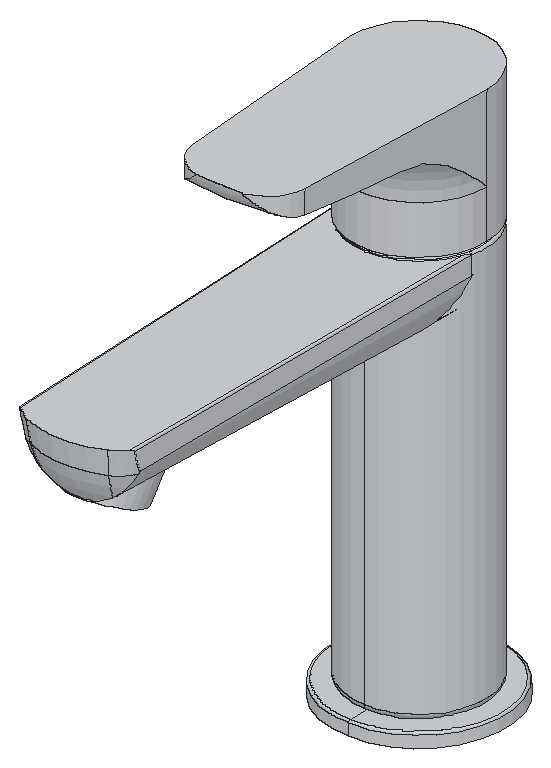
Revit family "Faucet-Lavatory-KOHLER-Aleo-K-72288IN_1", category Plumbing Fixtures, host Face, Revit 2017
Family settings
  Host = Face
  Round Connector Dimension = Use Diameter
  Part Type = Normal
  OmniClass Number = 23.31.11.00
  OmniClass Title = Faucets
  Cut with Voids When Loaded = No
  Shared = No
  Room Calculation Point = No
Parameters (values of type "CP-Polished Chrome")
  Width = 1 25/32"  # constant formula
  WaterSense Certified = 1 = 0  # no
  Waste Water Outlet = "Waste Water Outlet"  # constant formula
  Waste Connection = 1 = 0  # no
  Vent Connection = 1 = 0  # no
  URL = "https://www.kohler.co.in/"
  Type = 1
  Spout Reach = 3 15/16"  # constant formula
  Product Page URL = "https://www.kohler.co.in/product-detail/72288in-4?skuid=K-72288IN-4-CP"
  Product Name = "Aleo"  # constant formula
  Product Documentation Link = "http://resources.kohler.com/plumbing/kohlerindia/pdf/72288.pdf"
  Pressure = 0.00 psi
  Model = "K-72288IN-4-CP"  # constant formula
  Material = "Premium Metal Construction"  # constant formula
  Master Format 2014 Name = "Residential Faucets, Supplies, and Trim"  # constant formula
  Master Format 2014 = "22 41 39"  # constant formula
  Manufacturer Address = "Ambience Office Tower NH-8 Gurgaon / Gurugram Haryana , 122001"  # constant formula
  Manufacturer = "KOHLER Co."  # constant formula
  Length = Spout Reach  # 3 15/16"
  Hot Water Inlet = "Hot Water Inlet"  # constant formula
  Height = 5 181/256"  # constant formula
  Handle Clearance = 2 133/256"  # constant formula
  HW Connection = 1 = 0  # no
  Flow Rate = 0 GPM
  Finish = Kohler-Metal-CP-Polished_Chrome
  Environmental Product Declaration = ""
  Drain Included = 1 = 0  # no
  Description = "Single-control pillar lavatory faucet in polished chrome"  # constant formula
  Default Elevation = 36"
  Declare Label = ""
  Date Modified = "12/24/2020"  # constant formula
  Date Created = "12/24/2020"  # constant formula
  Copyright = "Copyright KOHLER Co."  # constant formula
  Contact Us = "https://www.kohler.co.in/contact-us"
  Cold Water Inlet = "Cold Water Inlet"  # constant formula
  CW Connection = 1 = 1  # yes
  Assembly Code = "D2010"
  ADA Compliant = 1 = 0  # no
Reference planes (in)
  plane 1 "Center (Front/Back)": y = 0
  plane 2: z = 0
  plane 3 "Center (Left/Right)": x = 0
  plane 4: y = 0.88976
  plane 5: y = -0.88976
  plane 6: y = 0.68912
  plane 7: y = -0.68912
  plane 8: z = 5.70703
  plane 9: y = -3.9375
  plane 10: z = 3.66142
  plane 11: y = -4.49101
  plane 12: y = -2.51953
  plane 13: z = 0.1378
  plane 14: x = -0.89011
  plane 15: x = 0.89114
  plane 16: x = -0.68898
  plane 17: x = 0.68898
  plane 18: x = -0.52904
  plane 19: x = 0.52904
Dimensions and locks (in)
  "Height": level to plane 8
  "Spout Reach": plane 1 "Center (Front/Back)" to plane 9
  plane 10 to level = 3.66142"
  "Width": plane 14 to plane 15
  "Length": plane 9 to plane 1 "Center (Front/Back)"
  "Handle Clearance": plane 12 to plane 1 "Center (Front/Back)"
  aligned and locked: plane 2 to host face
  aligned and locked: level to host face
Automatic sketch dimensions
  host sketch curve to host sketch curve = 96"  (x2)
Nested families (in)
  nested 1: "K-72288IN" at (0, 0, 0), type "K-72288IN"
Connectors (in)
  piping at (0, 0, 0), diameter 0.5, driven by "CW Connection", driven by "Cold Water Inlet", driven by "Flow Rate"
    settings: on nested 1, index 1, connector inside diameter 24", connector length 0", flow factor 0, pipe flow 0 GPM, pressure drop 0.00 psi, fitting loss kfactor 0, connector angle 0.00°, fixture units 0, engagement length 0", angle of deflection 0.00°, flow configuration 0, flow direction 1, fitting loss method 0, system type 20, joint type 0, gender type 0, connector reference index -1, connector utility 1, adjustable connector no, is connector primary yes, connector description "Cold Water Inlet"
Definition of nested family "K-72288IN"
  Parameters (values of type "K-72288IN")
    Material = none
  Reference planes (in)
    plane 1 "Center (Front/Back)": y = 0
    plane 2: z = 0
    plane 3 "Center (Left/Right)": x = 0
    plane 4: z = 5.70866
    plane 5: y = -3.93701
    plane 6: y = 0.88976
    plane 7: y = 0.68912
    plane 8: y = -0.68912
    plane 9: x = -0.68898
    plane 10: x = 0.68898
    plane 11: y = -0.88976
    plane 12: z = 3.66142
    plane 13: z = 0.1376
    plane 14: y = -2.51906
    plane 15: x = -0.89011
    plane 16: x = 0.89011
    plane 17: y = -4.49101
    plane 18: x = -0.52904
    plane 19: x = 0.52904
  Forms (in)
    Revolve 1, solid, material <- "Material", detail levels medium+fine
      sketch origin (0, 0, 0) x (0, 1, 0) y (0, 0, 1)
        loop
          arc (0.63148, 0.1378) -> (0.67224, 0.15468) -> (0.68912, 0.19544) r 0.05764
          line (0.68912, 0.19544) -> (0.68912, 4.27945)
          arc (0.68912, 4.27945) -> (0.68331, 4.29347) -> (0.66929, 4.29928) r 0.01984
          line (0.66929, 4.29928) -> (0.52687, 4.29928) -> (0.52687, 4.3356) -> (0, 4.3356) -> (0, 0) -> (0.88976, 0) -> (0.88585, 0.11704)
          arc (0.88585, 0.11704) -> (0.87931, 0.13176) -> (0.86439, 0.1378) r 0.02147
          line (0.86439, 0.1378) -> (0.63148, 0.1378)
        axis (0, 4.3356) -> (0, 0)
      angle from 0 to 360
    Blend 2, solid, material <- "Material", detail levels medium+fine
      base sketch origin (0, 0, -4.93356) x (1, 0, 0) y (0, 0, 1)
        loop
          arc (-0.64163, 9.23225) -> (-0.65833, 9.22533) -> (-0.66525, 9.20863) r 0.02362
          line (-0.66525, 9.20863) -> (-0.66525, 9.01571)
          arc (-0.66525, 9.01571) -> (0, 8.41989) -> (0.66525, 9.01571) r 0.66929
          line (0.66525, 9.01571) -> (0.66525, 9.20697)
          arc (0.66525, 9.20697) -> (0.65784, 9.22484) -> (0.63997, 9.23225) r 0.02528
          line (0.63997, 9.23225) -> (-0.64163, 9.23225)
      top sketch origin (0, 0, -4.93356) x (1, 0, 0) y (0, 0, 1)
        loop
          arc (-0.54713, 9.23225) -> (-0.56122, 9.22641) -> (-0.56706, 9.21232) r 0.01993
          line (-0.56706, 9.21232) -> (-0.56706, 9.00202)
          arc (-0.56706, 9.00202) -> (0, 8.61724) -> (0.56706, 9.00202) r 0.61024
          line (0.56706, 9.00202) -> (0.56706, 9.21206)
          arc (0.56706, 9.21206) -> (0.56115, 9.22633) -> (0.54687, 9.23225) r 0.02019
          line (0.54687, 9.23225) -> (-0.54713, 9.23225)
      from 0.14351 to 4.5473
    Sweep 3, void
      path origin (0, 1.06396, 0) x (1, 0, 0) y (0, 1, 0)
        loop
          arc (-0.68898, -5.15325) -> (-0.59719, -5.3607) -> (-0.42252, -5.50544) r 0.49514
          arc (-0.42252, -5.50544) -> (-0.00498, -5.60496) -> (0.41394, -5.51138) r 0.95414
          arc (0.41394, -5.51138) -> (0.58303, -5.36343) -> (0.65107, -5.14931) r 0.41792
      profile origin (-0.00498, -4.54099, 0) x (0.007105, 0.999975, 0) y (0, 0, 1)
        loop
          line (0, 4.45387) -> (-0.22073, 4.45387) -> (-0.22073, 3.53879) -> (0.36982, 3.53879)
          arc (0.36982, 3.53879) -> (0.16362, 3.76678) -> (0.04037, 4.0484) r 0.95674
          arc (0.04037, 4.0484) -> (0.00475, 4.2496) -> (0, 4.45387) r 1.34585
    Revolve 4, solid, material <- "Material", detail levels medium+fine
      sketch origin (0, 1.15344, -4.92032) x (0, 1, 0) y (0, 0, 1)
        loop
          line (-5.11816, 8.45367) -> (-4.77867, 8.32645) -> (-4.53138, 8.75477) -> (-4.94697, 8.9105) -> (-5.11816, 8.45367)
        axis (-4.94697, 8.9105) -> (-5.11816, 8.45367)
      angle from 0 to 360
    Extrusion 5, solid, material <- "Material", detail levels medium+fine
      sketch origin (0, 0, -4.89665) x (1, 0, 0) y (0, 1, 0)
        loop
          arc (0.68912, 0) -> (0, 0.68912) -> (-0.68912, 0) r 0.68912
          arc (-0.68912, 0) -> (-0.6588, -1.07638) -> (-0.56791, -2.14934) r 19.1171
          arc (-0.56791, -2.14934) -> (-0.45593, -2.38855) -> (-0.22197, -2.51113) r 0.41339
          arc (-0.22197, -2.51113) -> (0.00366, -2.52798) -> (0.22898, -2.50734) r 1.36558
          arc (0.22898, -2.50734) -> (0.45847, -2.38338) -> (0.56806, -2.14669) r 0.41339
          arc (0.56806, -2.14669) -> (0.65883, -1.07505) -> (0.68912, 0) r 19.09322
      from 9.23226 to 10.60531
    Sweep 6, void
      path origin (0, 0, 0) x (1, 0, 0) y (0, 1, 0)
        loop
          arc (-0.68912, 0) -> (0, -0.68912) -> (0.68912, 0) r 0.68912
      profile origin (0, -0.68912, 0) x (0, 1, 0) y (0, 0, 1)
        loop
          line (0, 4.18962) -> (0, 4.83013)
          arc (0, 4.83013) -> (-0.16218, 5.23664) -> (-0.55964, 5.41988) r 0.59055
          line (-0.55964, 5.41988) -> (-1.52714, 5.47058)
          arc (-1.52714, 5.47058) -> (-1.6335, 5.49071) -> (-1.73066, 5.53843) r 0.40295
          arc (-1.73066, 5.53843) -> (-1.81228, 5.63715) -> (-1.82678, 5.76442) r 0.22497
          line (-1.82678, 5.76442) -> (-2.04747, 5.76442) -> (-2.04747, 4.18962) -> (0, 4.18962)
    Revolve 7, solid, material <- "Material", detail levels coarse
      sketch origin (0, 0, 0) x (0, 1, 0) y (0, 0, 1)
        loop
          line (0, 0) -> (0.91164, 0) -> (0.91164, 0.16337) -> (0.7144, 0.16337) -> (0.7144, 5.32685) -> (0, 5.32685) -> (0, 0)
        axis (0, 5.32685) -> (0, 0)
      angle from 0 to 360
    Extrusion 8, solid, material <- "Material", detail levels coarse
      sketch origin (0, 0, 0) x (1, 0, 0) y (0, 1, 0)
        loop
          arc (-0.59882, -2.21281) -> (0.00064, -2.58938) -> (0.59892, -2.21093) r 0.66377
          line (0.59892, -2.21093) -> (0.71286, -0.03679)
          arc (0.71286, -0.03679) -> (0, 0.7144) -> (-0.71286, -0.03679) r 0.71384
          line (-0.71286, -0.03679) -> (-0.59882, -2.21281)
      from 5.32685 to 5.74517
    Extrusion 9, solid, material <- "Material", detail levels coarse
      sketch origin (0, 0, 0) x (1, 0, 0) y (0, 1, 0)
        loop
          line (-0.71357, -0.01886) -> (-0.59744, -4.28434)
          arc (-0.59744, -4.28434) -> (0.01892, -4.55437) -> (0.61384, -4.23993) r 0.77421
          line (0.61384, -4.23993) -> (0.71364, -0.0163)
          arc (0.71364, -0.0163) -> (0.00128, -0.71327) -> (-0.71357, -0.01886) r 0.71384
      from 3.47435 to 4.3356
    Extrusion 10, solid, material <- "Material", detail levels medium+fine
      sketch origin (0, 0, 0) x (1, 0, 0) y (0, 1, 0)
        loop
          circle (0, 0) r 0.07014
      from 0 to 0.07769
  Cuts and joins
    Sweep 6 cuts Extrusion 5
    joined: Revolve 1, Extrusion 5
    Sweep 3 cuts Blend 2
  Lines and regions (in)
    Masking region 1
      outline origin (0, 0, 0) x (0, 1, 0) y (0, 0, 1)
        loop
          line (0.88976, 0) -> (0.88593, 0.11641)
          arc (0.88593, 0.11641) -> (0.87951, 0.1312) -> (0.86471, 0.1376) r 0.02192
          line (0.86471, 0.1376) -> (0.63177, 0.1376)
          arc (0.63177, 0.1376) -> (0.67233, 0.1544) -> (0.68912, 0.19495) r 0.05735
          line (0.68912, 0.19495) -> (0.68912, 4.27905)
          arc (0.68912, 4.27905) -> (0.68227, 4.29445) -> (0.66624, 4.29966) r 0.02072
          line (0.66624, 4.29966) -> (0.52658, 4.29966) -> (0.52658, 4.33594) -> (0.68912, 4.33594) -> (0.68912, 5.70866) -> (-2.52002, 5.70866)
          arc (-2.52002, 5.70866) -> (-2.49877, 5.63079) -> (-2.45049, 5.5661) r 0.21666
          arc (-2.45049, 5.5661) -> (-2.30998, 5.48411) -> (-2.1481, 5.46785) r 0.38293
          line (-2.1481, 5.46785) -> (-1.24998, 5.42078)
          arc (-1.24998, 5.42078) -> (-0.85712, 5.24292) -> (-0.68912, 4.84574) r 0.59207
          line (-0.68912, 4.84574) -> (-0.68912, 4.3356) -> (-0.52687, 4.3356) -> (-0.52687, 4.29871) -> (-4.49101, 4.29871)
          arc (-4.49101, 4.29871) -> (-4.4543, 4.04689) -> (-4.35496, 3.81261) r 0.99563
          line (-4.35496, 3.81261) -> (-3.56209, 3.51549) -> (-3.49212, 3.63668) -> (-1.06514, 3.52755)
          arc (-1.06514, 3.52755) -> (-0.79825, 3.40632) -> (-0.68912, 3.13425) r 0.3937
          line (-0.68912, 3.13425) -> (-0.68912, 0.19495)
          arc (-0.68912, 0.19495) -> (-0.67233, 0.1544) -> (-0.63177, 0.1376) r 0.05735
          line (-0.63177, 0.1376) -> (-0.86471, 0.1376)
          arc (-0.86471, 0.1376) -> (-0.87951, 0.1312) -> (-0.88593, 0.11641) r 0.02192
          line (-0.88593, 0.11641) -> (-0.88976, 0) -> (0.88976, 0)
    Masking region 2
      outline origin (0, 0, 0) x (1, 0, 0) y (0, 0, 1)
        loop
          line (0, 0) -> (0.88976, 0) -> (0.88569, 0.11668)
          arc (0.88569, 0.11668) -> (0.87936, 0.13126) -> (0.86479, 0.1376) r 0.02169
          line (0.86479, 0.1376) -> (0.62809, 0.1376)
          arc (0.62809, 0.1376) -> (0.66905, 0.15333) -> (0.68898, 0.19243) r 0.06122
          line (0.68898, 0.19243) -> (0.68898, 4.27849)
          arc (0.68898, 4.27849) -> (0.68202, 4.29411) -> (0.66576, 4.29939) r 0.02102
          line (0.66576, 4.29939) -> (0.52682, 4.29939) -> (0.52682, 4.3356) -> (0.68912, 4.3356) -> (0.68912, 5.70866) -> (-0.68912, 5.70866) -> (-0.68912, 4.3356) -> (-0.52682, 4.3356) -> (-0.52682, 4.29939) -> (-0.66576, 4.29939)
          arc (-0.66576, 4.29939) -> (-0.68202, 4.29411) -> (-0.68898, 4.27849) r 0.02102
          line (-0.68898, 4.27849) -> (-0.68898, 0.19243)
          arc (-0.68898, 0.19243) -> (-0.66905, 0.15333) -> (-0.62809, 0.1376) r 0.06122
          line (-0.62809, 0.1376) -> (-0.86479, 0.1376)
          arc (-0.86479, 0.1376) -> (-0.87936, 0.13126) -> (-0.88569, 0.11668) r 0.02169
          line (-0.88569, 0.11668) -> (-0.88976, 0) -> (0, 0)
    Masking region 3
      outline origin (0, 0, 0) x (1, 0, 0) y (0, 1, 0)
        loop
          line (-0.68048, -0.57326) -> (-0.5731, -4.27578)
          arc (-0.5731, -4.27578) -> (-0.50326, -4.341) -> (-0.42218, -4.39157) r 0.49437
          arc (-0.42218, -4.39157) -> (-0.00497, -4.49101) -> (0.4136, -4.39751) r 0.95337
          arc (0.4136, -4.39751) -> (0.5021, -4.34038) -> (0.57347, -4.2629) r 0.41715
          line (0.57347, -4.2629) -> (0.68048, -0.57326)
          arc (0.68048, -0.57326) -> (0.80677, 0.37524) -> (0, 0.88976) r 0.88976
          arc (0, 0.88976) -> (-0.80677, 0.37524) -> (-0.68048, -0.57326) r 0.88976
    symbolic lines, detail levels medium+fine
      curve 1: line (0, 0.86439, 0.1378) -> (0, -0.86439, 0.1378)
      curve 2: line (0, -0.68912, 4.3356) -> (0, 0.68912, 4.3356)
      curve 3: line (0, 0.66929, 4.29928) -> (0, -0.66929, 4.29928)
      curve 4: line (0, 0, 0.1378) -> (-0.86439, 0, 0.1378)
      curve 5: line (0.86439, 0, 0.1378) -> (0, 0, 0.1378)
      curve 6: line (0.63997, 0, 4.29939) -> (-0.64163, 0, 4.29939)
      curve 7: line (-0.68912, 0, 4.3356) -> (0.68912, 0, 4.3356)
      curve 8: spline (-0.24504, 0, 5.70867) -> (-0.26512, 0, 5.69183) -> (-0.28515, 0, 5.67531) -> (-0.30507, 0, 5.65917) -> (-0.32483, 0, 5.64345) -> (-0.34435, 0, 5.62819) -> (-0.3636, 0, 5.61344) -> (-0.38251, 0, 5.59924) -> (-0.40102, 0, 5.58564) -> (-0.41909, 0, 5.57267) -> (-0.43666, 0, 5.56036) -> (-0.45369, 0, 5.54877) -> (-0.47011, 0, 5.53791)
      curve 9: spline (-0.47011, 0, 5.53791) -> (-0.48962, 0, 5.5247) -> (-0.50733, 0, 5.51269) -> (-0.5231, 0, 5.50195) -> (-0.53682, 0, 5.49258) -> (-0.54838, 0, 5.48465) -> (-0.5577, 0, 5.4782) -> (-0.5647, 0, 5.47329) -> (-0.56934, 0, 5.46997) -> (-0.57157, 0, 5.46824) -> (-0.57139, 0, 5.46813) -> (-0.56879, 0, 5.46963) -> (-0.56379, 0, 5.47274)
      curve 10: spline (-0.56379, 0, 5.47274) -> (-0.57432, 0, 5.46809) -> (-0.58439, 0, 5.46349) -> (-0.594, 0, 5.45893) -> (-0.60314, 0, 5.45441) -> (-0.61183, 0, 5.44994) -> (-0.62005, 0, 5.44551) -> (-0.62781, 0, 5.44112) -> (-0.63511, 0, 5.43679) -> (-0.64195, 0, 5.43249) -> (-0.64833, 0, 5.42824) -> (-0.65424, 0, 5.42404) -> (-0.6597, 0, 5.41988)
      curve 11: line (-0.6597, 0, 5.41988) -> (-0.68912, 0, 4.83013)
      curve 12: spline (0.46865, 0, 5.53718) -> (0.45058, 0, 5.54868) -> (0.43174, 0, 5.56082) -> (0.41221, 0, 5.57356) -> (0.39202, 0, 5.58687) -> (0.37125, 0, 5.6007) -> (0.34996, 0, 5.61502) -> (0.3282, 0, 5.62979) -> (0.30604, 0, 5.64495) -> (0.28356, 0, 5.66046) -> (0.26081, 0, 5.67628) -> (0.23787, 0, 5.69237) -> (0.2148, 0, 5.70866)
      curve 13: spline (0.56812, 0, 5.4708) -> (0.56498, 0, 5.4732) -> (0.56084, 0, 5.47621) -> (0.55571, 0, 5.47982) -> (0.54961, 0, 5.48403) -> (0.54255, 0, 5.48883) -> (0.53456, 0, 5.49418) -> (0.52567, 0, 5.50009) -> (0.5159, 0, 5.50653) -> (0.50527, 0, 5.51348) -> (0.49383, 0, 5.52092) -> (0.48161, 0, 5.52883) -> (0.46865, 0, 5.53718)
      curve 14: spline (0.65966, 0, 5.41988) -> (0.6544, 0, 5.42389) -> (0.64871, 0, 5.42794) -> (0.64258, 0, 5.43204) -> (0.63603, 0, 5.43617) -> (0.62905, 0, 5.44035) -> (0.62163, 0, 5.44458) -> (0.61379, 0, 5.44884) -> (0.60551, 0, 5.45315) -> (0.59681, 0, 5.4575) -> (0.58767, 0, 5.46189) -> (0.57811, 0, 5.46633) -> (0.56812, 0, 5.4708)
      curve 15: line (0.68912, 0, 4.83013) -> (0.65966, 0, 5.41988)
      curve 16: line (-0.68898, 0, 4.08546) -> (-0.57437, 0, 4.06948)
      curve 17: spline (-0.57437, 0, 4.06948) -> (-0.57422, 0, 4.08632) -> (-0.57408, 0, 4.10332) -> (-0.57395, 0, 4.12046) -> (-0.57383, 0, 4.13773) -> (-0.57371, 0, 4.15512) -> (-0.5736, 0, 4.17263) -> (-0.57351, 0, 4.19025) -> (-0.57342, 0, 4.20795) -> (-0.57334, 0, 4.22575) -> (-0.57327, 0, 4.24362) -> (-0.57321, 0, 4.26156) -> (-0.57316, 0, 4.27955)
      curve 18: spline (-0.57316, 0, 4.27955) -> (-0.57246, 0, 4.28255) -> (-0.57152, 0, 4.28538) -> (-0.57035, 0, 4.28801) -> (-0.56896, 0, 4.2904) -> (-0.56737, 0, 4.29254) -> (-0.56559, 0, 4.29438) -> (-0.56366, 0, 4.29591) -> (-0.56159, 0, 4.29712) -> (-0.55941, 0, 4.29797) -> (-0.55715, 0, 4.29848) -> (-0.55483, 0, 4.29862) -> (-0.55248, 0, 4.2984)
      curve 19: spline (-0.35346, 0, 3.78297) -> (-0.37809, 0, 3.8012) -> (-0.40176, 0, 3.82064) -> (-0.42442, 0, 3.84124) -> (-0.44601, 0, 3.86295) -> (-0.46648, 0, 3.88572) -> (-0.48577, 0, 3.90948) -> (-0.50384, 0, 3.93418) -> (-0.52064, 0, 3.95975) -> (-0.53613, 0, 3.98613) -> (-0.55027, 0, 4.01326) -> (-0.56303, 0, 4.04107) -> (-0.57436, 0, 4.06948)
      curve 20: spline (0.34638, 0, 3.77812) -> (0.2935, 0, 3.74564) -> (0.2376, 0, 3.71869) -> (0.17927, 0, 3.69753) -> (0.11909, 0, 3.68238) -> (0.05769, 0, 3.6734) -> (-0.0043, 0, 3.67069) -> (-0.06626, 0, 3.67426) -> (-0.12753, 0, 3.68409) -> (-0.18749, 0, 3.70007) -> (-0.24552, 0, 3.72203) -> (-0.30104, 0, 3.74976) -> (-0.35346, 0, 3.78297)
      curve 21: line (0.57493, 0, 4.06956) -> (0.34638, 0, 3.77812)
      curve 22: line (0.68898, 0, 4.08546) -> (0.57493, 0, 4.06956)
      curve 23: spline (-0.26687, 0, 3.73187) -> (-0.31492, 0, 3.71168) -> (-0.35078, 0, 3.68858) -> (-0.37306, 0, 3.66347) -> (-0.38088, 0, 3.63731) -> (-0.37396, 0, 3.61112) -> (-0.35256, 0, 3.58591) -> (-0.3175, 0, 3.56267) -> (-0.27014, 0, 3.54228) -> (-0.21233, 0, 3.52554) -> (-0.14629, 0, 3.5131) -> (-0.07459, 0, 3.50543) -> (0, 0, 3.50284)
      curve 24: line (-0.38089, 0, 3.6365) -> (-0.41683, 0, 3.83411)
      curve 25: spline (0.2668, 0, 3.73189) -> (0.31487, 0, 3.71171) -> (0.35075, 0, 3.68861) -> (0.37304, 0, 3.6635) -> (0.38088, 0, 3.63734) -> (0.37397, 0, 3.61114) -> (0.35257, 0, 3.58593) -> (0.31752, 0, 3.56268) -> (0.27017, 0, 3.54229) -> (0.21235, 0, 3.52554) -> (0.14631, 0, 3.5131) -> (0.0746, 0, 3.50543) -> (0, 0, 3.50284)
      curve 26: line (0.38089, 0, 3.6365) -> (0.41704, 0, 3.83525)
      curve 27: arc (-0.56791, -2.14934, 0) -> (-0.46392, -2.37995, 0) -> (-0.24504, -2.50679, 0) r 0.41339
      curve 28: arc (-0.24504, -2.50679, 0) -> (-0.01503, -2.5187, 0) -> (0.21511, -2.50954, 0) r 2.51874
      curve 29: arc (0.21511, -2.50954, 0) -> (0.45366, -2.3884, 0) -> (0.56807, -2.14656, 0) r 0.41339
      curve 30: line (-0.56791, -2.14934, 0) -> (-0.691, -0.04033, 0)
      curve 31: line (0.56807, -2.14656, 0) -> (0.691, -0.04033, 0)
      curve 32: line (-0.68048, -0.57326, 0) -> (-0.691, -0.04033, 0)
      curve 33: line (0.68048, -0.57326, 0) -> (0.691, -0.04033, 0)
      curve 34: arc (-0.691, -0.04033, 0) -> (-0.50329, 0.47387, 0) -> (0, 0.68912, 0) r 0.6893
      curve 35: arc (0.691, -0.04033, 0) -> (0.50329, 0.47387, 0) -> (0, 0.68912, 0) r 0.6893
      curve 36: spline (0.57437, 0, 4.06948) -> (0.57422, 0, 4.08632) -> (0.57408, 0, 4.10332) -> (0.57395, 0, 4.12046) -> (0.57383, 0, 4.13773) -> (0.57371, 0, 4.15512) -> (0.5736, 0, 4.17263) -> (0.57351, 0, 4.19025) -> (0.57342, 0, 4.20795) -> (0.57334, 0, 4.22575) -> (0.57327, 0, 4.24362) -> (0.57321, 0, 4.26156) -> (0.57316, 0, 4.27955)
      curve 37: spline (0.57316, 0, 4.27955) -> (0.57246, 0, 4.28255) -> (0.57152, 0, 4.28538) -> (0.57035, 0, 4.28801) -> (0.56896, 0, 4.2904) -> (0.56737, 0, 4.29254) -> (0.56559, 0, 4.29438) -> (0.56366, 0, 4.29591) -> (0.56159, 0, 4.29712) -> (0.55941, 0, 4.29797) -> (0.55715, 0, 4.29848) -> (0.55483, 0, 4.29862) -> (0.55248, 0, 4.2984)
      curve 38: line (0, -4.4543, 4.04689) -> (0, -0.89171, 4.04689)
      curve 39: line (0, 0, 3.15518) -> (0, 0, 0.1378)
      curve 40: arc (0, -0.89171, 4.04689) -> (0, -0.26118, 3.78571) -> (0, 0, 3.15518) r 0.89171
      curve 41: line (0, -2.49877, 5.63079) -> (0, -0.59055, 5.63079)
      curve 42: line (0, 0, 5.04024) -> (0, 0, 4.3356)
      curve 43: arc (0, -0.59055, 5.63079) -> (0, -0.17297, 5.45782) -> (0, 0, 5.04024) r 0.59055
  Dimensions and locks (in)
    plane 4 to level = 5.70866"
    plane 1 "Center (Front/Back)" to plane 5 = 3.93701"
    level to plane 12 = 3.66142"
    aligned and locked: plane 2 to level
